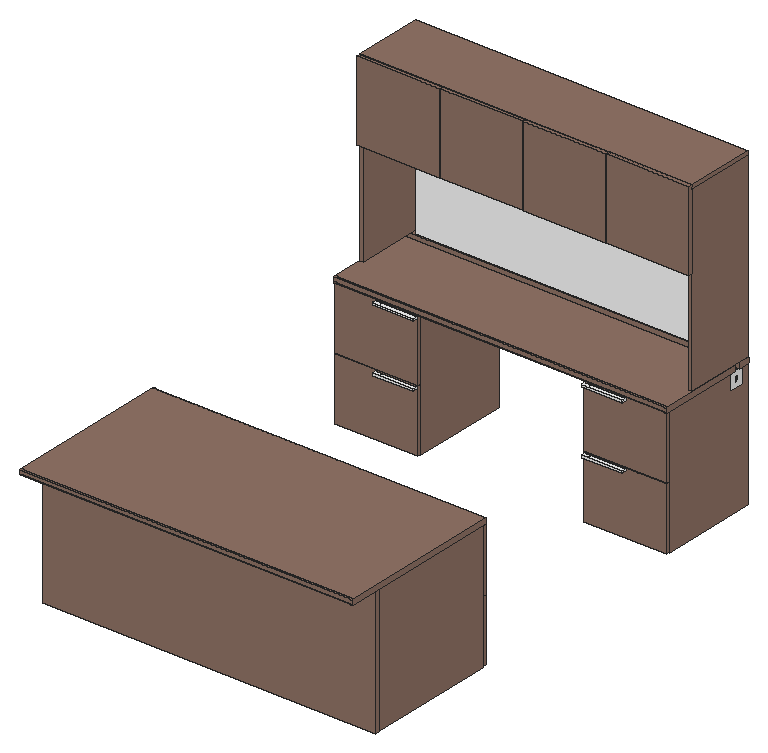
Revit family "FLV001", category Furniture, Revit 2015 (continued)
Definition of nested family "JSI-Flux-Dbl_Ped_Dsk-Flsh-Mod-Ovhg_Top"
  Automatic sketch dimensions
    curve 7 to plane 19 = 0' - 0"
    curve 6 to plane 19 = 0' - 0"
    plane 6 "Center (Front/Back)" to curve 2 = 0' - 0"
    plane 29 to curve 9 = 0' - 0.93695"
    plane 29 to curve 8 = 0' - 0.18695"
    Extrusion 10 sketch curve to plane 25 = 0' - 0 11/16"  (x2)
    Extrusion 10 sketch curve to Extrusion 10 sketch curve = 0' - 0"  (x3)
    plane 24 to Extrusion 10 sketch curve = 0' - 7 7/16"
    curve 6 to plane 23 = 0' - 0"
    curve 7 to plane 25 = 0' - 0"
    radius of Extrusion 7 sketch curve = 0' - 0 1/2"  (x4)
    radius of Extrusion 8 sketch curve = 0' - 0 1/2"  (x4)
  Nested families (in)
    nested 1: "Label 1-16" at (22.37337, -31.24995, 0), type "DRWCFG 2"
    nested 2: "Label 1-16" at (-25.80688, -31.24995, 0), type "DRWCFG"
    nested 3: "Bar Pull" at (-28.74108, -31.18745, 27.49557), Pull Finish <- "Pull", type "PL"
      with Pull Finish none
    nested 4: "Bar Pull" at (-28.74108, -31.18745, 13.78346), Pull Finish <- "Pull", type "PL"
      with Pull Finish none
    nested 5: "Bar Pull" at (22.61281, -31.18745, 27.49065) x (-1, 0, 0) z (0, 0, 1), Pull Finish <- "Pull", type "PL"
      with Pull Finish none
    nested 6: "Bar Pull" at (22.61281, -31.18745, 13.78346) x (-1, 0, 0) z (0, 0, 1), Pull Finish <- "Pull", type "PL"
      with Pull Finish none
    nested 7: "Bar Pull" at (22.61281, -31.18745, 20.6469) x (-1, 0, 0) z (0, 0, 1), Pull Finish <- "Pull", type "PL"
      with Pull Finish none
  Definition of nested family "Bar Pull"
    Parameters
      Pull Finish [instance] = none
    Reference planes (in)
      plane 1 "Center Front/Back": y = 0
      plane 2: z = 0
      plane 3 "Center Left/Right": x = 0
    Forms (in)
      Extrusion 1, solid, material <- "Pull Finish"
        sketch origin (0, 0, 0) x (1, 0, 0) y (0, 1, 0)
          loop
            line (-1.18701, 0) -> (-1.18701, -0.85113)
            arc (-1.18701, -0.85113) -> (-1.15955, -0.91742) -> (-1.09326, -0.94488) r 0.09375
            line (-1.09326, -0.94488) -> (7.59252, -0.94488)
            arc (7.59252, -0.94488) -> (7.6482, -0.92182) -> (7.67126, -0.86614) r 0.07874
            line (7.67126, -0.86614) -> (7.67126, 0) -> (6.37205, 0) -> (6.37205, -0.70177)
            arc (6.37205, -0.70177) -> (6.33544, -0.79016) -> (6.24705, -0.82677) r 0.125
            line (6.24705, -0.82677) -> (0.2372, -0.82677)
            arc (0.2372, -0.82677) -> (0.14882, -0.79016) -> (0.1122, -0.70177) r 0.125
            line (0.1122, -0.70177) -> (0.1122, 0) -> (-1.18701, 0)
        from -0.43307 to -0.11811
      Extrusion 2, solid, material <- "Pull Finish"
        sketch origin (0, 0, 0) x (1, 0, 0) y (0, 1, 0)
          loop
            line (-1.18701, 0) -> (-1.18701, -0.85113)
            arc (-1.18701, -0.85113) -> (-1.15955, -0.91742) -> (-1.09326, -0.94488) r 0.09375
            line (-1.09326, -0.94488) -> (7.59252, -0.94488)
            arc (7.59252, -0.94488) -> (7.6482, -0.92182) -> (7.67126, -0.86614) r 0.07874
            line (7.67126, -0.86614) -> (7.67126, 0) -> (-1.18701, 0)
        from 0 to -0.11811
    Cuts and joins
      joined: Extrusion 1, Extrusion 2
    Lines and regions (in)
      symbolic lines
        curve 1: line (-1.18701, 0, 0) -> (7.67695, 0, 0)
        curve 2: line (-1.18701, -0.84225, 0) -> (-1.18701, 0, 0)
        curve 3: line (7.60168, -0.94427, 0) -> (-1.08499, -0.94427, 0)
        curve 4: line (7.67695, 0, 0) -> (7.67695, -0.869, 0)
        curve 5: arc (7.67695, -0.869, 0) -> (7.6549, -0.92222, 0) -> (7.60168, -0.94427, 0) r 0.07527
        curve 6: arc (-1.08499, -0.94427, 0) -> (-1.15713, -0.91439, 0) -> (-1.18701, -0.84225, 0) r 0.10202
    Dimensions and locks (in)
      aligned and locked: level to plane 2
      aligned and locked: Extrusion 2 sketch curve to Extrusion 1  (x6)
  Definition of nested family "Label 1-16"
    Parameters
      Width = 0' - 1"
      Model Name = "BBF"
    Reference planes (in)
      plane 1: y = 0
      plane 2: x = 0
    Text (in)
      label "XX" at (0.00051, -0.12324, 0), shows "Model Name"
Definition of nested family "JSI-Flux-Prime_Ht_Strg_OH_Cab"
  Parameters (values of type "Type Catalog - Strg OH Cab")
    Wiring Hole Dist = if(# of Doors > 3, 1' 6", 0' 9")  # 1' - 6"
    Top = none
    Width = 7' - 11 7/8"
    URL = "www.jsifurniture.com"
    Type Comments = ""
    TAG = if(Width > 6' 6", "6 Doors", (if(Width > 4' 6", "4 Doors", (if(Width > 3' 0", "3 Doors", "2 Doors")))))  # "6 Doors"
    Series = "FLUX"  # constant formula
    R = yes
    Partition-R = yes
    Partition-L = yes
    Partition Distance_R = if(# of Doors = 6, ((Door Width * 2) + 0' 0 1/8" - 0' 0 5/16"), (if(# of Doors = 4, ((Width / 2) - 0' 0 3/8"), (if(# of Doors = 3, (if(R, (Door Width - 0' 0 5/16"), ((Door Width * 2) + 0' 0 1/8" - 0' 0 5/16"))), 0' 0")))))  # 2' - 7 9/16"
    Partition Distance_L = if(# of Doors = 6, ((Door Width * 2) + 0' 0 1/8" - 0' 0 5/16"), (if(# of Doors = 4, ((Width / 2) - 0' 0 3/8"), (if(# of Doors = 3, (if(R, ((Door Width * 2) + 0' 0 1/8" - 0' 0 5/16"), (Door Width - 0' 0 5/16"))), 0' 0")))))  # 2' - 7 9/16"
    OH Elevation = 2' - 5"
    Model = ""
    Manufacturer = "JSI"  # constant formula
    Level of Base Shelve = 1' - 11"
    Keynote = "12500"
    JSI Enviromental Website = "http://www.jsifurniture.com/jsi_sustainability_intro.php"
    Height = 3' - 4"
    Door Width = (Width - (0' 0 1/8" * (# of Doors - 1))) / # of Doors  # 1' - 3 7/8"
    Door Array Distance = Door Width + 0' 0 1/8"  # 1' - 4"
    Back Panel = none
    Door Front = none
    Description = ""
    Depth = 1' - 3 7/8"
    Chassis = none
    Assembly Code = "E2020200"
    # of Doors = if(Width > 6' 6", 6, if(Width > 4' 6", 4, (if(Width > 3' 0", 3, 2))))  # 6
  Reference planes (in)
    plane 1: z = 0
    plane 2 "Center (Left/Right)": x = -36.06413
    plane 3 "Center (Front/Back)": y = 10.75
    plane 4: y = 10
    plane 5: x = -35.31413
    plane 6: x = 59.81087
    plane 7: x = 59.06087
    plane 8: x = -4.50163
    plane 9: x = -3.75163
    plane 10: x = 28.24837
    plane 11: x = 27.49837
    plane 12: y = -5.0625
    plane 13: y = -4.3125
    plane 14: y = -4.25
    plane 15: y = -2.0625
    plane 16: y = -5.125
    plane 17: x = 11.87337
    plane 18: z = 29
    plane 19: z = 52
    plane 20: z = 53.1875
    plane 21: z = 51.75
    plane 22: z = 68.25
    plane 23: z = 69
    plane 24: y = 9.9375
    plane 25: y = 10.6875
    plane 26: x = -20.18913
    plane 27: x = -20.06413
    plane 28: z = 51.5
    plane 29: x = -35.31413
    plane 30: x = -4.50163
    plane 31: x = -3.75163
    plane 32: x = 28.24837
    plane 33: x = 27.49837
    plane 34: x = 59.06087
    plane 35: x = -18.06413
    plane 36: x = 41.81087
  Forms (in)
    Extrusion 1, solid, material <- "Chassis"
      sketch origin (0, 0, 0) x (1, 0, 0) y (0, 1, 0)
        loop
          line (-36.06413, 10.75) -> (-36.06413, -4.25) -> (-35.31413, -4.25) -> (-35.31413, 10.75) -> (-36.06413, 10.75)
      from 29 to 68.25
    Extrusion 2, solid, material <- "Chassis"
      sketch origin (0, 0, 0) x (1, 0, 0) y (0, 1, 0)
        loop
          line (59.06087, 10.75) -> (59.06087, -4.25) -> (59.81087, -4.25) -> (59.81087, 10.75) -> (59.06087, 10.75)
      from 29 to 68.25
    Extrusion 3, solid, material <- "Top"
      sketch origin (0, 0, 0) x (1, 0, 0) y (0, 0, 1)
        loop
          line (-36.06413, 68.25) -> (59.81087, 68.25) -> (59.81087, 69) -> (-36.06413, 69) -> (-36.06413, 68.25)
      from -10.75 to 4.25
    Extrusion 4, solid
      sketch origin (0, 0, 0) x (1, 0, 0) y (0, 0, 1)
        loop
          line (-35.31413, 53.1875) -> (-35.31413, 52) -> (59.06087, 52) -> (59.06087, 53.1875) -> (-35.31413, 53.1875)
      from -9.9375 to 4.25
    Extrusion 5, solid, material <- "Back Panel"
      sketch origin (0, 0, 0) x (1, 0, 0) y (0, 0, 1)
        loop
          line (-35.31413, 68.25) -> (-35.31413, 29) -> (59.06087, 29) -> (59.06087, 68.25) -> (-35.31413, 68.25)
        loop
          circle (-18.06413, 51.5) r 0.3125
        loop
          circle (41.81087, 51.5) r 0.3125
      from -10.6875 to -9.9375
    Extrusion 6, solid, material <- "Chassis", visible <- "Partition-L"
      sketch origin (0, 0, 0) x (1, 0, 0) y (0, 1, 0)
        loop
          line (-4.50163, 9.9375) -> (-4.50163, -4.25) -> (-3.75163, -4.25) -> (-3.75163, 9.9375) -> (-4.50163, 9.9375)
      from 53.1875 to 68.25
    Extrusion 7, solid, material <- "Chassis", visible <- "Partition-R"
      sketch origin (0, 0, 0) x (1, 0, 0) y (0, 1, 0)
        loop
          line (27.49837, 9.9375) -> (27.49837, -4.25) -> (28.24837, -4.25) -> (28.24837, 9.9375) -> (27.49837, 9.9375)
      from 53.1875 to 68.25
    Extrusion 8, solid, material <- "Door Front"
      sketch origin (0, 0, 0) x (1, 0, 0) y (0, 0, 1)
        loop
          line (-36.06413, 69) -> (-36.06413, 51.75) -> (-20.18913, 51.75) -> (-20.18913, 69) -> (-36.06413, 69)
      from 4.3125 to 5.0625
    Extrusion 9, solid, material <- "Door Front"
      sketch origin (16, 0, 0) x (1, 0, 0) y (0, 0, 1)
        loop
          line (-36.06413, 69) -> (-36.06413, 51.75) -> (-20.18913, 51.75) -> (-20.18913, 69) -> (-36.06413, 69)
      from 4.3125 to 5.0625
    Extrusion 10, solid, material <- "Door Front"
      sketch origin (32, 0, 0) x (1, 0, 0) y (0, 0, 1)
        loop
          line (-36.06413, 69) -> (-36.06413, 51.75) -> (-20.18913, 51.75) -> (-20.18913, 69) -> (-36.06413, 69)
      from 4.3125 to 5.0625
    Extrusion 11, solid, material <- "Door Front"
      sketch origin (48, 0, 0) x (1, 0, 0) y (0, 0, 1)
        loop
          line (-36.06413, 69) -> (-36.06413, 51.75) -> (-20.18913, 51.75) -> (-20.18913, 69) -> (-36.06413, 69)
      from 4.3125 to 5.0625
    Extrusion 12, solid, material <- "Door Front"
      sketch origin (64, 0, 0) x (1, 0, 0) y (0, 0, 1)
        loop
          line (-36.06413, 69) -> (-36.06413, 51.75) -> (-20.18913, 51.75) -> (-20.18913, 69) -> (-36.06413, 69)
      from 4.3125 to 5.0625
    Extrusion 13, solid, material <- "Door Front"
      sketch origin (80, 0, 0) x (1, 0, 0) y (0, 0, 1)
        loop
          line (-36.06413, 69) -> (-36.06413, 51.75) -> (-20.18913, 51.75) -> (-20.18913, 69) -> (-36.06413, 69)
      from 4.3125 to 5.0625
  Lines and regions (in)
    symbolic lines
      curve 1: line (-36.06413, -4.3125, 0) -> (-36.06413, -5.0625, 0)
      curve 2: line (-20.06413, -4.3125, 0) -> (-20.06413, -5.0625, 0)
      curve 3: line (-20.18913, -5.0625, 0) -> (-20.18913, -4.3125, 0)
      curve 4: line (-4.18913, -5.0625, 0) -> (-4.18913, -4.3125, 0)
      curve 5: line (-20.18913, -4.3125, 0) -> (-36.06413, -4.3125, 0)
      curve 6: line (-36.06413, -5.0625, 0) -> (-20.18913, -5.0625, 0)
      curve 7: line (-4.18913, -4.3125, 0) -> (-20.06413, -4.3125, 0)
      curve 8: line (-20.06413, -5.0625, 0) -> (-4.18913, -5.0625, 0)
      curve 9: line (-36.06413, 10.75, 0) -> (-36.06413, -4.25, 0)
      curve 10: line (59.81087, 10.75, 0) -> (-36.06413, 10.75, 0)
      curve 11: line (59.81087, 10.75, 0) -> (59.81087, -4.25, 0)
      curve 12: line (59.81087, -4.25, 0) -> (-36.06413, -4.25, 0)
      curve 13: line (-4.06413, -4.3125, 0) -> (-4.06413, -5.0625, 0)
      curve 14: line (11.81087, -5.0625, 0) -> (11.81087, -4.3125, 0)
      curve 15: line (11.81087, -4.3125, 0) -> (-4.06413, -4.3125, 0)
      curve 16: line (-4.06413, -5.0625, 0) -> (11.81087, -5.0625, 0)
      curve 17: line (11.93587, -4.3125, 0) -> (11.93587, -5.0625, 0)
      curve 18: line (27.81087, -5.0625, 0) -> (27.81087, -4.3125, 0)
      curve 19: line (27.81087, -4.3125, 0) -> (11.93587, -4.3125, 0)
      curve 20: line (11.93587, -5.0625, 0) -> (27.81087, -5.0625, 0)
      curve 21: line (27.93587, -4.3125, 0) -> (27.93587, -5.0625, 0)
      curve 22: line (43.81087, -5.0625, 0) -> (43.81087, -4.3125, 0)
      curve 23: line (43.81087, -4.3125, 0) -> (27.93587, -4.3125, 0)
      curve 24: line (27.93587, -5.0625, 0) -> (43.81087, -5.0625, 0)
      curve 25: line (43.93587, -4.3125, 0) -> (43.93587, -5.0625, 0)
      curve 26: line (59.81087, -5.0625, 0) -> (59.81087, -4.3125, 0)
      curve 27: line (59.81087, -4.3125, 0) -> (43.93587, -4.3125, 0)
      curve 28: line (43.93587, -5.0625, 0) -> (59.81087, -5.0625, 0)
    symbolic lines, detail levels medium+fine
      curve 29: line (-35.31413, 9.9375, 0) -> (59.06087, 9.9375, 0)
      curve 30: line (59.06087, 9.9375, 0) -> (59.06087, 10.6875, 0)
      curve 31: line (59.06087, 10.6875, 0) -> (-35.31413, 10.6875, 0)
      curve 32: line (-35.31413, 10.6875, 0) -> (-35.31413, 9.9375, 0)
      curve 33: line (59.06087, 10.6875, 0) -> (59.06087, -4.25, 0)
      curve 34: line (-35.31413, -4.25, 0) -> (-35.31413, 10.6875, 0)
    symbolic lines, visible <- "Partition-L", detail levels medium+fine
      curve 35: line (-3.75163, -4.25, 0) -> (-3.75163, 9.9375, 0)
      curve 36: line (-3.75163, 9.9375, 0) -> (-4.50163, 9.9375, 0)
      curve 37: line (-4.50163, 9.9375, 0) -> (-4.50163, -4.25, 0)
      curve 38: line (-4.50163, -4.25, 0) -> (-3.75163, -4.25, 0)
    symbolic lines, visible <- "Partition-R", detail levels medium+fine
      curve 39: line (28.24837, -4.25, 0) -> (28.24837, 9.9375, 0)
      curve 40: line (28.24837, 9.9375, 0) -> (27.49837, 9.9375, 0)
      curve 41: line (27.49837, 9.9375, 0) -> (27.49837, -4.25, 0)
      curve 42: line (27.49837, -4.25, 0) -> (28.24837, -4.25, 0)
  Dimensions and locks (in)
    "Width": plane 2 "Center (Left/Right)" to plane 6
    "Depth": plane 16 to plane 3 "Center (Front/Back)"
    locked: plane 4 to plane 3 "Center (Front/Back)" at 0.75
    plane 12 to plane 13 to plane 14 to plane 15 = 0' - 0 3/4" locked, 0' - 0 1/16" locked, 0' - 2 3/16" locked
    locked: plane 16 to plane 12 at 0.0625
    locked: plane 2 "Center (Left/Right)" to plane 5 at 0.75
    locked: plane 8 to plane 9 at 0.75
    locked: plane 11 to plane 10 at 0.75
    locked: plane 7 to plane 6 at 0.75
    equal spacing: plane 2 "Center (Left/Right)", plane 17, plane 6
    "Height": plane 23 to plane 18
    "OH Elevation": plane 18 to plane 1
    locked: plane 23 to plane 22 at 0.75
    locked: plane 20 to plane 19 at 1.1875
    "Level of Base Shelve": plane 19 to plane 18
    plane 19 to plane 21 to plane 28 = 0' - 0 1/4" locked, 0' - 0 1/4" locked
    plane 22 to plane 20 = 1' - 3 1/16"
    locked: plane 25 to plane 3 "Center (Front/Back)" at 0.0625
    locked: plane 24 to plane 4 at 0.0625
    "Partition Distance_L": plane 2 "Center (Left/Right)" to plane 8
    "Partition Distance_R": plane 10 to plane 6
    plane 2 "Center (Left/Right)" to plane 29 = 0' - 0 3/4"
    equal spacing: group 1, group 2, group 5, group 6, group 7, group 8  (x3)
    "Door Width": Extrusion 8 sketch curve to Extrusion 8 sketch curve
    "Door Width": Extrusion 9 sketch curve to Extrusion 9 sketch curve
    equal spacing: group 3, group 4, group 9, group 10, group 11, group 12  (x3)
    "Door Array Distance": Extrusion 8 to Extrusion 9
    "Wiring Hole Dist": plane 2 "Center (Left/Right)" to plane 35
    "Wiring Hole Dist": plane 36 to plane 6
    "Door Width": Extrusion 10 sketch curve to Extrusion 10 sketch curve
    "Door Width": Extrusion 11 sketch curve to Extrusion 11 sketch curve
    "Door Width": Extrusion 12 sketch curve to Extrusion 12 sketch curve
    "Door Width": Extrusion 13 sketch curve to Extrusion 13 sketch curve
    radius of Extrusion 5 sketch curve = 0' - 0 5/16"  (x2)
    aligned and locked: level to plane 1
    aligned and locked: Extrusion 1 sketch curve to plane 2 "Center (Left/Right)"
    aligned and locked: Extrusion 1 sketch curve to plane 5
    aligned and locked: Extrusion 1 sketch curve to plane 3 "Center (Front/Back)"
    aligned and locked: Extrusion 1 sketch curve to plane 14
    aligned and locked: Extrusion 2 sketch curve to plane 7
    aligned and locked: Extrusion 2 sketch curve to plane 6
    aligned and locked: Extrusion 2 sketch curve to plane 3 "Center (Front/Back)"
    aligned and locked: Extrusion 2 sketch curve to plane 14
    aligned and locked: plane 22 to Extrusion 1
    aligned and locked: plane 22 to Extrusion 2
    aligned and locked: Extrusion 1 to plane 18
    aligned and locked: Extrusion 2 to plane 18
    aligned and locked: Extrusion 3 sketch curve to plane 22
    aligned and locked: Extrusion 3 sketch curve to plane 23
    aligned and locked: Extrusion 3 sketch curve to plane 2 "Center (Left/Right)"
    aligned and locked: Extrusion 3 sketch curve to plane 6
    aligned and locked: Extrusion 4 sketch curve to plane 20
    aligned and locked: Extrusion 4 sketch curve to plane 19
    aligned and locked: Extrusion 4 sketch curve to plane 5
    aligned and locked: Extrusion 4 sketch curve to plane 7
    aligned and locked: Extrusion 3 to plane 3 "Center (Front/Back)"
    aligned and locked: plane 14 to Extrusion 3
    aligned and locked: Extrusion 4 to plane 24
    aligned and locked: plane 14 to Extrusion 4
    aligned and locked: Extrusion 5 sketch curve to plane 22
    aligned and locked: Extrusion 5 sketch curve to plane 5
    aligned and locked: Extrusion 5 sketch curve to plane 7
    aligned and locked: Extrusion 5 sketch curve to plane 18
    aligned and locked: Extrusion 5 to plane 25
    aligned and locked: plane 24 to Extrusion 5
    aligned and locked: Extrusion 6 sketch curve to plane 8
    aligned and locked: Extrusion 6 sketch curve to plane 9
    aligned and locked: Extrusion 6 sketch curve to plane 24
    aligned and locked: Extrusion 6 sketch curve to plane 14
    aligned and locked: Extrusion 7 sketch curve to plane 11
    aligned and locked: Extrusion 7 sketch curve to plane 10
    aligned and locked: Extrusion 7 sketch curve to plane 24
    aligned and locked: Extrusion 7 sketch curve to plane 14
    aligned and locked: plane 22 to Extrusion 6
    aligned and locked: Extrusion 6 to plane 20
    aligned and locked: plane 22 to Extrusion 7
    aligned and locked: Extrusion 7 to plane 20
    aligned and locked: Extrusion 8 to plane 13
    aligned and locked: plane 12 to Extrusion 8
    aligned and locked: Extrusion 8 to plane 2 "Center (Left/Right)"
    aligned and locked: curve 1 to Extrusion 8
    aligned and locked: curve 2 to Extrusion 9
    aligned and locked: curve 3 to Extrusion 8
    aligned and locked: curve 4 to Extrusion 9
    aligned and locked: curve 5 to Extrusion 8
    aligned and locked: curve 6 to Extrusion 8
    aligned and locked: curve 7 to Extrusion 9
    aligned and locked: curve 8 to Extrusion 9
    aligned and locked: plane 17 to nested 1
    aligned and locked: plane 12 to nested 1
    aligned and locked: curve 9 to plane 2 "Center (Left/Right)"
    aligned and locked: curve 10 to plane 3 "Center (Front/Back)"
    aligned and locked: curve 11 to plane 6
    aligned and locked: curve 12 to plane 14
    aligned and locked: Extrusion 8 to plane 21
    aligned and locked: Extrusion 9 to plane 21
    aligned and locked: curve 13 to Extrusion 10
    aligned and locked: curve 14 to Extrusion 10
    aligned and locked: curve 15 to Extrusion 10
    aligned and locked: curve 16 to Extrusion 10
    aligned and locked: curve 17 to Extrusion 11
    aligned and locked: curve 18 to Extrusion 11
    aligned and locked: curve 19 to Extrusion 11
    aligned and locked: curve 20 to Extrusion 11
    aligned and locked: curve 21 to Extrusion 12
    aligned and locked: curve 22 to Extrusion 12
    aligned and locked: curve 23 to Extrusion 12
    aligned and locked: curve 24 to Extrusion 12
    aligned and locked: curve 25 to Extrusion 13
    aligned and locked: curve 26 to Extrusion 13
    aligned and locked: curve 27 to Extrusion 13
    aligned and locked: curve 28 to Extrusion 13
    aligned and locked: curve 29 to Extrusion 5
    aligned and locked: curve 30 to Extrusion 5
    aligned and locked: curve 31 to Extrusion 5
    aligned and locked: curve 32 to Extrusion 5
    aligned and locked: Extrusion 2 to curve 33
    aligned and locked: curve 34 to Extrusion 1
    aligned and locked: plane 14 to curve 34
    aligned and locked: plane 14 to curve 33
    aligned and locked: curve 35 to Extrusion 6
    aligned and locked: curve 36 to Extrusion 6
    aligned and locked: curve 37 to Extrusion 6
    aligned and locked: curve 38 to Extrusion 6
    aligned and locked: curve 39 to Extrusion 7
    aligned and locked: curve 40 to Extrusion 7
    aligned and locked: curve 41 to Extrusion 7
    aligned and locked: curve 42 to Extrusion 7
  Automatic sketch dimensions
    Extrusion 8 sketch curve to Extrusion 8 sketch curve = 1' - 5 1/4"
    Extrusion 9 sketch curve to Extrusion 9 sketch curve = 1' - 5 1/4"
    curve 1 to curve 5 = 1' - 3 7/8"
    curve 6 to curve 3 = 0' - 0 3/4"
    curve 2 to curve 7 = 1' - 3 7/8"
    curve 8 to curve 4 = 0' - 0 3/4"
    Extrusion 5 sketch curve to plane 28 = 0' - 0"  (x2)
    Extrusion 5 sketch curve to plane 35 = 0' - 0"
    Extrusion 5 sketch curve to plane 36 = 0' - 0"
    Extrusion 10 sketch curve to Extrusion 10 sketch curve = 1' - 5 1/4"
    curve 13 to curve 15 = 1' - 3 7/8"
    curve 16 to curve 14 = 0' - 0 3/4"
    Extrusion 11 sketch curve to Extrusion 11 sketch curve = 1' - 5 1/4"
    curve 17 to curve 19 = 1' - 3 7/8"
    curve 20 to curve 18 = 0' - 0 3/4"
    Extrusion 12 sketch curve to Extrusion 12 sketch curve = 1' - 5 1/4"
    curve 21 to curve 23 = 1' - 3 7/8"
    curve 24 to curve 22 = 0' - 0 3/4"
    Extrusion 13 sketch curve to Extrusion 13 sketch curve = 1' - 5 1/4"
    curve 25 to curve 27 = 1' - 3 7/8"
    curve 28 to curve 26 = 0' - 0 3/4"
  Nested families (in)
    nested 1: "Label 1-16 OH" at (11.87337, -5.0625, 0), type "OH DOORS"
  Definition of nested family "Label 1-16 OH"
    Parameters
      Width = 0' - 1"
      Model Name = "6 Doors"
    Reference planes (in)
      plane 1: y = 0
      plane 2: x = 0
    Text (in)
      label "XX" at (0.00051, -0.12324, 0), shows "Model Name"
Definition of nested family "JSI-Flux-Tckbrd_for_OH_Cab"
  Parameters (values of type "Type Catalog - Tackboard for OH Cab")
    Width = 2' - 4 1/4"
    URL = "www.jsifurniture.com"
    Type Comments = ""
    Series = "FLUX"  # constant formula
    OH Elevation = 2' - 5"
    Model = ""
    Manufacturer = "JSI"  # constant formula
    Keynote = "12500"
    JSI Enviromental Website = "http://www.jsifurniture.com/jsi_sustainability_intro.php"
    Height = 2' - 6"
    Markerboard = none
    Description = ""
    Depth = 0' - 0 13/16"
    Assembly Code = "E2020200"
  Reference planes (in)
    plane 1: z = 0
    plane 2 "Center (Left/Right)": x = -36.06413
    plane 3 "Center (Front/Back)": y = 10.75
    plane 4: x = -7.81413
    plane 5: x = -21.93913
    plane 6: z = 59
    plane 7: z = 29
    plane 8: x = -35.31413
    plane 9: x = -8.56413
    plane 10: y = 9.9375
    plane 11: y = 9.125
  Forms (in)
    Extrusion 1, solid, material <- "Markerboard"
      sketch origin (0, 0, 0) x (1, 0, 0) y (0, 0, 1)
        loop
          line (-35.31413, 59) -> (-35.31413, 29) -> (-8.56413, 29) -> (-8.56413, 59) -> (-35.31413, 59)
      from -9.9375 to -9.125
  Lines and regions (in)
    symbolic lines
      curve 1: line (-35.31413, 9.9375, 0) -> (-8.56413, 9.9375, 0)
      curve 2: line (-35.31413, 9.125, 0) -> (-35.31413, 9.9375, 0)
      curve 3: line (-8.56413, 9.125, 0) -> (-35.31413, 9.125, 0)
      curve 4: line (-8.56413, 9.9375, 0) -> (-8.56413, 9.125, 0)
  Dimensions and locks (in)
    "Width": plane 2 "Center (Left/Right)" to plane 4
    equal spacing: plane 2 "Center (Left/Right)", plane 5, plane 4
    "OH Elevation": plane 7 to plane 1
    "Height": plane 6 to plane 7
    locked: plane 2 "Center (Left/Right)" to plane 8 at 0.75
    locked: plane 9 to plane 4 at 0.75
    locked: plane 10 to plane 3 "Center (Front/Back)" at 0.8125
    "Depth": plane 11 to plane 10
    aligned and locked: level to plane 1
    aligned and locked: plane 8 to Extrusion 1 sketch curve
    aligned and locked: Extrusion 1 sketch curve to plane 9
    aligned and locked: Extrusion 1 sketch curve to plane 6
    aligned and locked: plane 7 to Extrusion 1 sketch curve
    aligned and locked: Extrusion 1 to plane 10
    aligned and locked: plane 11 to Extrusion 1
    aligned and locked: curve 1 to Extrusion 1
    aligned and locked: curve 2 to Extrusion 1
    aligned and locked: curve 3 to plane 11
    aligned and locked: curve 4 to plane 9
